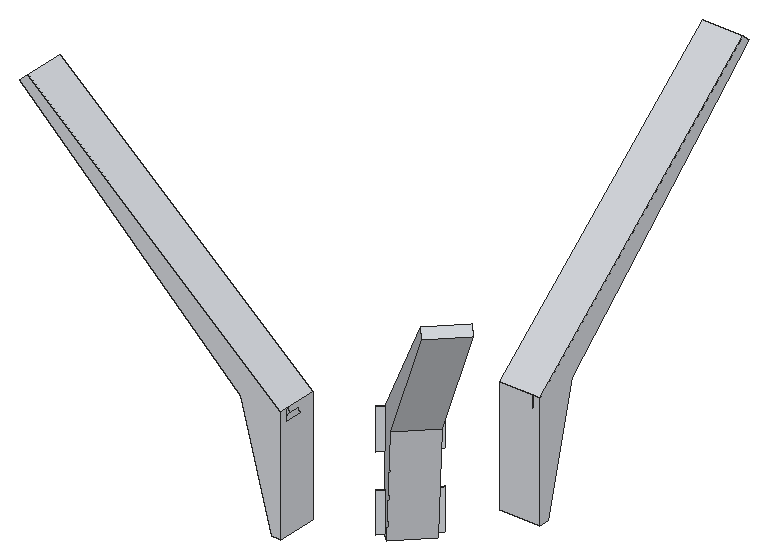
Revit family "Сборка насадок угол 90", category Специальное оборудование, Revit 2019
Family settings
  Размер круглого соединителя = Использовать диаметр
  Тип детали = Нормальный
  На основе рабочей плоскости = Нет
  Всегда вертикально = Да
  При загрузке вырезать с полостями = Нет
  Общий = Да
  Точка расчета площади = Нет
Parameters (values of type "На столбы 80x80")
  Ширина столба = 100 mm
  Центр насадки = Ширина столба / 2  # 50 mm
  Тип крепления насадок к столбам [instance] = 0
  Наружные насадки [instance] = yes
  Инструкция [instance] = "https://docs.google.com/document/d/1YU2zMc4EH5Wo240p8cADVhto8tMNmUbVgzn2qTnmTt8/edit?usp=sharing"
  Группа модели = "Насадки"  # constant formula
  Глубина столба = 80 mm
  ADSK_Наименование = "Сборка - угловые насадки"  # constant formula
Types (5, lengths in mm): name | Ширина столба | Центр насадки | Глубина столба
  (no name) | 100 | 50 | 80
  На столбы 40x60 | 40 | 20 | 60
  На столбы 60x60 | 60 | 30 | 60
  На столбы 60x80 | 60 | 30 | 80
  На столбы 80x80 | 100 | 50 | 80
Reference planes
  plane 1 "По центру (Вперед/Назад)": y = 0
  plane 2: z = 0
  plane 3 "По центру (Влево/Вправо)": x = 0
  plane 4: z = 0
  plane 5: y = 109.3
  plane 6: x = 29.3
  plane 7: x = -109.3
  plane 8: y = -29.3
  plane 9: x = 129.3
  plane 10: y = 29.3
  plane 11: y = -129.3
  plane 12: x = -29.3
Dimensions and locks
  "Ширина столба": plane 11 to plane 8
  "Глубина столба": plane 7 to plane 12
  "Глубина столба": plane 10 to plane 5
  "Ширина столба": plane 6 to plane 9
  "Центр насадки": plane 6 to nested 1
  locked: plane 1 "По центру (Вперед/Назад)" to plane 10 at 29.3
  locked: plane 3 "По центру (Влево/Вправо)" to plane 6 at 29.3
  "Центр насадки": plane 11 to nested 2
  locked: plane 8 to plane 1 "По центру (Вперед/Назад)" at 29.3
  locked: plane 12 to plane 3 "По центру (Влево/Вправо)" at 29.3
  aligned and locked: level to plane 2
  aligned and locked: nested 1 to plane 5
  aligned and locked: plane 7 to nested 2
  aligned and locked: plane 7 to nested 4
  aligned and locked: nested 4 to nested 2
  aligned and locked: nested 5 to plane 5
  aligned and locked: nested 5 to nested 1
  aligned and locked: nested 5 to nested 8  (x2)
  aligned and locked: nested 8 to nested 9  (x2)
  aligned and locked: nested 4 to nested 7
  aligned and locked: nested 6 to nested 7  (x2)
  aligned and locked: nested 7 to nested 15  (x2)
  aligned and locked: nested 8 to nested 14
  aligned and locked: nested 14 to nested 8
  aligned and locked: nested 7 to nested 4
  aligned and locked: nested 16 to nested 10
Nested families
  nested 1: "В_Насадка L" at (79.3, 109.3, -175), visible <- "Наружные насадки", ADSK_Комплект <- "Группа модели", type "Насадка"
    with Насадка L ус 510 yes, ADSK_Обозначение "", ADSK_Наименование "Насадка L ус 510", ADSK_Масса 1.17, ADSK_Комплект "Насадки", ADSK_Код изделия "8928", ADSK_Завод-изготовитель "FENSYS", ADSK_Единица измерения "шт."
  nested 2: "В_Насадка L" at (-109.3, -79.3, -175) x (0, 1, 0) z (0, 0, 1), visible <- "Наружные насадки", ADSK_Комплект <- "Группа модели", type "Насадка"
    with Насадка L ус 510 yes, ADSK_Обозначение "", ADSK_Наименование "Насадка L ус 510", ADSK_Масса 1.17, ADSK_Комплект "Насадки", ADSK_Код изделия "8928", ADSK_Завод-изготовитель "FENSYS", ADSK_Единица измерения "шт."
  nested 3: "В_Угловая скоба" at (0.707, -0.707, 0) x (0.7071, 0.7071, 0) z (0, 0, 1), ADSK_Комплект <- "Группа модели", type "Угловая скоба"
    with S 83 mm, ADSK_Комплект "Насадки"
  nested 4: "В_Крепеж" at (-111.8, -79.3, -4.311) x (0, -1, 0) z (0, 0, 1), Тип крепежа <- "Тип крепления насадок к столбам", visible <- "Наружные насадки", ADSK_Комплект <- "Группа модели", type "Крепеж"
    with Ширина столба 0 mm, Тип крепежа 0, Путь к таблице "Таблица крепежей", Видимость метизов yes, Y насадка no, ADSK_Обозначение "Крепеж", ADSK_Наименование "Хомут специальный 80", ADSK_Комплект "Насадки", ADSK_Количество 1, ADSK_Код изделия "15515К"
  nested 5: "В_Крепеж" at (79.3, 111.8, -4.311) x (-1, 0, 0) z (0, 0, 1), Тип крепежа <- "Тип крепления насадок к столбам", visible <- "Наружные насадки", ADSK_Комплект <- "Группа модели", type "Крепеж"
    with Ширина столба 0 mm, Тип крепежа 0, Путь к таблице "Таблица крепежей", Видимость метизов yes, Y насадка no, ADSK_Обозначение "Крепеж", ADSK_Наименование "Хомут специальный 80", ADSK_Комплект "Насадки", ADSK_Количество 1, ADSK_Код изделия "15515К"
  nested 6: "В_Крепеж" at (-121.8, -79.3, -4.311) x (0, -1, 0) z (0, 0, 1), visible <- "Наружные насадки", ADSK_Комплект <- "Группа модели", type "Крепеж"
    with Ширина столба 0 mm, Тип крепежа 5, Путь к таблице "Таблица крепежей", Видимость метизов no, Y насадка no, ADSK_Обозначение "Крепеж", ADSK_Наименование "Комплект крепления СББ/ПББ к насадке (Болт М6х25 DIN 933 оц - 4 шт., Зажим для крепления струны/проволоки - 4 шт., Шайба D6 DIN 125 оц. - 8 шт.,  Гайка М6 кл.8.0 DIN 934 оц. - 4 шт.)", ADSK_Комплект "Насадки", ADSK_Количество 1, ADSK_Код изделия "8927"
  nested 7: "В_Крепеж" at (-116.8, -79.3, -4.311) x (0, -1, 0) z (0, 0, 1), visible <- "Наружные насадки", ADSK_Комплект <- "Группа модели", type "Крепеж"
    with Ширина столба 0 mm, Тип крепежа 5, Путь к таблице "Таблица крепежей", Видимость метизов no, Y насадка no, ADSK_Обозначение "Крепеж", ADSK_Наименование "Комплект крепления СББ/ПББ к насадке (Болт М6х25 DIN 933 оц - 4 шт., Зажим для крепления струны/проволоки - 4 шт., Шайба D6 DIN 125 оц. - 8 шт.,  Гайка М6 кл.8.0 DIN 934 оц. - 4 шт.)", ADSK_Комплект "Насадки", ADSK_Количество 1, ADSK_Код изделия "8927"
  nested 8: "В_Крепеж" at (79.3, 116.8, -4.311) x (-1, 0, 0) z (0, 0, 1), visible <- "Наружные насадки", ADSK_Комплект <- "Группа модели", type "Крепеж"
    with Ширина столба 0 mm, Тип крепежа 5, Путь к таблице "Таблица крепежей", Видимость метизов no, Y насадка no, ADSK_Обозначение "Крепеж", ADSK_Наименование "Комплект крепления СББ/ПББ к насадке (Болт М6х25 DIN 933 оц - 4 шт., Зажим для крепления струны/проволоки - 4 шт., Шайба D6 DIN 125 оц. - 8 шт.,  Гайка М6 кл.8.0 DIN 934 оц. - 4 шт.)", ADSK_Комплект "Насадки", ADSK_Количество 1, ADSK_Код изделия "8927"
  nested 9: "В_Крепеж" at (79.3, 121.8, -4.311) x (-1, 0, 0) z (0, 0, 1), visible <- "Наружные насадки", ADSK_Комплект <- "Группа модели", type "Крепеж"
    with Ширина столба 0 mm, Тип крепежа 5, Путь к таблице "Таблица крепежей", Видимость метизов no, Y насадка no, ADSK_Обозначение "Крепеж", ADSK_Наименование "Комплект крепления СББ/ПББ к насадке (Болт М6х25 DIN 933 оц - 4 шт., Зажим для крепления струны/проволоки - 4 шт., Шайба D6 DIN 125 оц. - 8 шт.,  Гайка М6 кл.8.0 DIN 934 оц. - 4 шт.)", ADSK_Комплект "Насадки", ADSK_Количество 1, ADSK_Код изделия "8927"
  nested 10: "В_Насадка L" at (1.414, -1.414, -175) x (-0.7071, -0.7071, 0) z (0, 0, 1), ADSK_Комплект <- "Группа модели", type "Насадка"
    with Насадка L ус 510 yes, ADSK_Обозначение "", ADSK_Наименование "Насадка L ус 510", ADSK_Масса 1.17, ADSK_Комплект "Насадки", ADSK_Код изделия "8928", ADSK_Завод-изготовитель "FENSYS", ADSK_Единица измерения "шт."
  nested 11: "В_Крепеж" at (10.253, -10.253, -4.311) x (-0.7071, -0.7071, 0) z (0, 0, 1), ADSK_Комплект <- "Группа модели", type "Крепеж"
    with Ширина столба 0 mm, Тип крепежа 5, Путь к таблице "Таблица крепежей", Видимость метизов no, Y насадка no, ADSK_Обозначение "Крепеж", ADSK_Наименование "Комплект крепления СББ/ПББ к насадке (Болт М6х25 DIN 933 оц - 4 шт., Зажим для крепления струны/проволоки - 4 шт., Шайба D6 DIN 125 оц. - 8 шт.,  Гайка М6 кл.8.0 DIN 934 оц. - 4 шт.)", ADSK_Комплект "Насадки", ADSK_Количество 1, ADSK_Код изделия "8927"
  nested 12: "В_Крепеж" at (6.718, -6.718, -4.311) x (-0.7071, -0.7071, 0) z (0, 0, 1), ADSK_Комплект <- "Группа модели", type "Крепеж"
    with Ширина столба 0 mm, Тип крепежа 5, Путь к таблице "Таблица крепежей", Видимость метизов no, Y насадка no, ADSK_Обозначение "Крепеж", ADSK_Наименование "Комплект крепления СББ/ПББ к насадке (Болт М6х25 DIN 933 оц - 4 шт., Зажим для крепления струны/проволоки - 4 шт., Шайба D6 DIN 125 оц. - 8 шт.,  Гайка М6 кл.8.0 DIN 934 оц. - 4 шт.)", ADSK_Комплект "Насадки", ADSK_Количество 1, ADSK_Код изделия "8927"
  nested 13: "В_Метизы" at (-0.23, -0.23, -0.002) x (0.7071, 0.7071, 0) z (0, 0, 1), ADSK_Комплект <- "Группа модели", type "Метизы"
    with Тип крепежа 6, Путь к таблице "Таблица метизов", ADSK_Наименование "ГАЙКА M8 DIN 934 оц. - 4 шт.", ADSK_Комплект "Насадки", ADSK_Количество 1, ADSK_Код изделия "3562"
  nested 14: "В_Крепеж" at (79.3, 111.8, -12.934) x (-1, 0, 0) z (0, 0, 1), Тип крепежа <- "Тип крепления насадок к столбам", visible <- "Наружные насадки", ADSK_Комплект <- "Группа модели", type "Крепеж"
    with Ширина столба 0 mm, Тип крепежа 0, Путь к таблице "Таблица крепежей", Видимость метизов yes, Y насадка no, ADSK_Обозначение "Крепеж", ADSK_Наименование "Хомут специальный 80", ADSK_Комплект "Насадки", ADSK_Количество 1, ADSK_Код изделия "15515К"
  nested 15: "В_Крепеж" at (-111.8, -79.3, -12.934) x (0, -1, 0) z (0, 0, 1), Тип крепежа <- "Тип крепления насадок к столбам", visible <- "Наружные насадки", ADSK_Комплект <- "Группа модели", type "Крепеж"
    with Ширина столба 0 mm, Тип крепежа 0, Путь к таблице "Таблица крепежей", Видимость метизов yes, Y насадка no, ADSK_Обозначение "Крепеж", ADSK_Наименование "Хомут специальный 80", ADSK_Комплект "Насадки", ADSK_Количество 1, ADSK_Код изделия "15515К"
  nested 16: "В_Угловая скоба" at (0.707, -0.707, -114.266) x (0.7071, 0.7071, 0) z (0, 0, 1), ADSK_Комплект <- "Группа модели", type "Угловая скоба"
    with S 83 mm, ADSK_Комплект "Насадки"
  nested 17: "В_Метизы" at (0.263, 0.263, 0) x (0.7071, 0.7071, 0) z (0, 0, 1), ADSK_Комплект <- "Группа модели", type "Метизы"
    with Тип крепежа 2, Путь к таблице "Таблица метизов", ADSK_Наименование "Комплект метизов «В» для крепления скобы из нержавеющей стали (Винт М8х30 ISO 7380 А2   - 4 шт., Шайба D8 DIN 125 А2-70 - 4 шт.,Шайба 8 DIN 127 нерж.)", ADSK_Комплект "Насадки", ADSK_Количество 1, ADSK_Код изделия "8923"
  nested 18: "В_Метизы" at (-0.738, -0.738, 0) x (0.7071, 0.7071, 0) z (0, 0, 1), ADSK_Комплект <- "Группа модели", type "Метизы"
    with Тип крепежа 6, Путь к таблице "Таблица метизов", ADSK_Наименование "ГАЙКА M8 DIN 934 оц. - 4 шт.", ADSK_Комплект "Насадки", ADSK_Количество 1, ADSK_Код изделия "3562"
  nested 19: "В_Метизы" at (0.646, 0.646, 0.002) x (0.7071, 0.7071, 0) z (0, 0, 1), ADSK_Комплект <- "Группа модели", type "Метизы"
    with Тип крепежа 2, Путь к таблице "Таблица метизов", ADSK_Наименование "Комплект метизов «В» для крепления скобы из нержавеющей стали (Винт М8х30 ISO 7380 А2   - 4 шт., Шайба D8 DIN 125 А2-70 - 4 шт.,Шайба 8 DIN 127 нерж.)", ADSK_Комплект "Насадки", ADSK_Количество 1, ADSK_Код изделия "8923"
  nested 20: "В_Метизы" at (-111.8, -99.3, -4.311) x (0, -1, 0) z (0, 0, 1), type "Метизы"
    with Тип крепежа 0, Путь к таблице "Таблица метизов", ADSK_Наименование "Комплект крепежных элементов для хомута", ADSK_Комплект "Насадки", ADSK_Количество 1, ADSK_Код изделия "8920"
  nested 21: "В_Метизы" at (59.3, 111.8, -4.311) x (-1, 0, 0) z (0, 0, 1), type "Метизы"
    with Тип крепежа 0, Путь к таблице "Таблица метизов", ADSK_Наименование "Комплект крепежных элементов для хомута", ADSK_Комплект "Насадки", ADSK_Количество 1, ADSK_Код изделия "8920"
  nested 22: "В_Метизы" at (59.3, 111.8, -12.934) x (-1, 0, 0) z (0, 0, 1), type "Метизы"
    with Тип крепежа 0, Путь к таблице "Таблица метизов", ADSK_Наименование "Комплект крепежных элементов для хомута", ADSK_Комплект "Насадки", ADSK_Количество 1, ADSK_Код изделия "8920"
  nested 23: "В_Метизы" at (-111.8, -99.3, -12.934) x (0, -1, 0) z (0, 0, 1), type "Метизы"
    with Тип крепежа 0, Путь к таблице "Таблица метизов", ADSK_Наименование "Комплект крепежных элементов для хомута", ADSK_Комплект "Насадки", ADSK_Количество 1, ADSK_Код изделия "8920"
Definition of nested family "В_Насадка L"
  Parameters (values of type "Насадка")
    Насадка L ус 510 [instance] = no
    URL = "https://www.fensys.ru/produkciya/elementy-usileniya.html"
    ADSK_Обозначение [instance] = ""
    ADSK_Наименование [instance] = if(Насадка L ус 510, "Насадка L ус 510", "Насадка L ус 325")  # "Насадка L ус 325"
    ADSK_Масса [instance] = if(Насадка L ус 510, 1.17, 0.82)  # 0.82
    ADSK_Комплект [instance] = ""
    ADSK_Количество = 1
    ADSK_Код изделия [instance] = if(Насадка L ус 510, "8928", "8938")  # "8938"
    ADSK_Завод-изготовитель [instance] = "FENSYS"  # constant formula
    ADSK_Единица измерения [instance] = "шт."  # constant formula
  Reference planes
    plane 1 "По центру (Вперед/Назад)": y = 0
    plane 2: z = 0
    plane 3 "По центру (Влево/Вправо)": x = 0
  Forms (mm)
    Extrusion 1, solid
      sketch origin (0, 0, 0) x (0, 1, 0) y (0, 0, 1)
        loop
          line (0, 0) -> (15, 0) -> (61.891, 175) -> (398.002, 488.686) -> (386.689, 500) -> (0, 175) -> (0, 0)
      from -30.5 to 30.5
  Dimensions and locks
    Extrusion 1 sketch curve to Extrusion 1 sketch curve = 175 mm
    Extrusion 1 sketch curve to Extrusion 1 sketch curve = 15 mm
    equal spacing: Extrusion 1, plane 3 "По центру (Влево/Вправо)", Extrusion 1
    locked: Extrusion 1 to Extrusion 1 at 61
    aligned and locked: level to plane 2
    aligned and locked: plane 1 "По центру (Вперед/Назад)" to Extrusion 1  (x2)
    aligned and locked: Extrusion 1 to level
  Automatic sketch dimensions
    Extrusion 1 sketch curve to plane 1 "По центру (Вперед/Назад)" = 0 mm
    Extrusion 1 sketch curve to level = 0 mm
    Extrusion 1 sketch curve to plane 1 "По центру (Вперед/Назад)" = 61.891 mm
    Extrusion 1 sketch curve to Extrusion 1 sketch curve = 0 mm
    Extrusion 1 sketch curve to Extrusion 1 sketch curve = 325 mm
    Extrusion 1 sketch curve to Extrusion 1 sketch curve = 11.314 mm  (x2)
    Extrusion 1 sketch curve to plane 1 "По центру (Вперед/Назад)" = 386.689 mm
Definition of nested family "В_Угловая скоба"
  Parameters (values of type "Угловая скоба")
    Model = ""
    S [instance] = 83 mm
    ADSK_Обозначение = "Крепеж окрашеный"  # constant formula
    ADSK_Наименование = "Скоба угловая для крепления насадки"  # constant formula
    ADSK_Комплект [instance] = ""
    ADSK_Количество = 1
    ADSK_Код изделия = "15293"  # constant formula
    ADSK_Завод-изготовитель = "FENSYS"  # constant formula
    ADSK_Единица измерения = "шт."  # constant formula
  Reference planes
    plane 1 "По центру (Вперед/Назад)": y = 0
    plane 2: z = 0
    plane 3 "По центру (Влево/Вправо)": x = 0
  Forms (mm)
    Extrusion 1, solid
      sketch origin (0, 0, 0) x (1, 0, 0) y (0, 1, 0)
        loop
          line (-41.5, 1) -> (-41.5, -1) -> (41.5, -1) -> (41.5, 1) -> (-41.5, 1)
      from -60.734 to 0
  Dimensions and locks
    equal spacing: Extrusion 1, plane 3 "По центру (Влево/Вправо)", Extrusion 1
    "S": Extrusion 1 to Extrusion 1
    aligned and locked: level to plane 2
  Automatic sketch dimensions
    Extrusion 1 sketch curve to plane 1 "По центру (Вперед/Назад)" = 1 mm
    Extrusion 1 sketch curve to plane 3 "По центру (Влево/Вправо)" = 41.5 mm
    plane 3 "По центру (Влево/Вправо)" to Extrusion 1 sketch curve = 41.5 mm
    plane 1 "По центру (Вперед/Назад)" to Extrusion 1 sketch curve = 1 mm
Definition of nested family "В_Крепеж"
  Parameters (values of type "Крепеж")
    Ширина столба [instance] = 0 mm
    Тип крепежа [instance] = 0
    Путь к таблице [instance] = "Таблица крепежей"  # constant formula
    Manufacturer = [ADSK_Завод-изготовитель]  # "FENSYS"
    Model = ""
    Видимость метизов [instance] = not(Тип крепежа = 5)  # yes
    Y насадка [instance] = yes
    URL = "https://www.fensys.ru/produkciya/krepyozh.html"
    ADSK_Обозначение [instance] = "Крепеж"  # constant formula
    ADSK_Наименование [instance] = size_lookup(Путь к таблице, "", "Не найдено", Тип крепежа)  # "Хомут специальный 80"
    ADSK_Комплект [instance] = ""
    ADSK_Количество [instance] = 1  # constant formula
    ADSK_Код изделия [instance] = size_lookup(Путь к таблице, "ADSK_Код изделия", "Не найдено", Тип крепежа)  # "15515К"
    ADSK_Завод-изготовитель = "FENSYS"  # constant formula
    ADSK_Единица измерения = "шт."  # constant formula
  Reference planes
    plane 1 "По центру (Вперед/Назад)": y = 0
    plane 2: z = 0
    plane 3 "По центру (Влево/Вправо)": x = 0
    plane 4: z = 0
  Forms (mm)
    Extrusion 1, solid
      sketch origin (0, -3, 0) x (1, 0, 0) y (0, 1, 0)
        loop
          line (-20, 5.5) -> (-20, 0.5) -> (20, 0.5) -> (20, 5.5) -> (-20, 5.5)
      from -4.311 to 4.311
  Dimensions and locks
    locked: Extrusion 1 sketch curve to Extrusion 1 sketch curve at 5
    locked: Extrusion 1 sketch curve to Extrusion 1 sketch curve at 40
    aligned and locked: level to plane 2
  Nested families
    nested 1: "В_Метизы" at (20, 0, 0), Тип крепежа <- "Тип крепежа", ADSK_Комплект <- "ADSK_Комплект", visible <- "Видимость метизов", type "Метизы"
      with Тип крепежа 0, Путь к таблице "Таблица метизов", ADSK_Наименование "Комплект крепежных элементов для хомута", ADSK_Комплект "", ADSK_Количество 1, ADSK_Код изделия "8920"
    nested 2: "В_Метизы" at (-20, 0, 0), visible <- "Y насадка", Тип крепежа <- "Тип крепежа", ADSK_Комплект <- "ADSK_Комплект", type "Метизы"
      with Тип крепежа 0, Путь к таблице "Таблица метизов", ADSK_Наименование "Комплект крепежных элементов для хомута", ADSK_Комплект "", ADSK_Количество 1, ADSK_Код изделия "8920"
  Definition of nested family "В_Метизы"
    Parameters (values of type "Метизы")
      Тип крепежа [instance] = 1
      Путь к таблице [instance] = "Таблица метизов"  # constant formula
      Manufacturer = [ADSK_Завод-изготовитель]  # "FENSYS"
      URL = "https://www.fensys.ru/produkciya/krepyozh.html"
      ADSK_Наименование [instance] = size_lookup(Путь к таблице, "", "Не найдено", Тип крепежа)  # "Комплект метизов «В» для крепления скобы F24 (Винт М6х30 ISO 7380 А2 - 4 шт., Шайба D6 DIN 125 А2 - 4 шт.,Шайба 6 DIN 127 А2 - 4 шт.)"
      ADSK_Комплект [instance] = "Ограждение"
      ADSK_Количество [instance] = 1  # constant formula
      ADSK_Код изделия [instance] = size_lookup(Путь к таблице, "ADSK_Код изделия", "Не найдено", Тип крепежа)  # "8932"
      ADSK_Завод-изготовитель = "FENSYS"  # constant formula
      ADSK_Единица измерения = "шт."  # constant formula
    Reference planes
      plane 1 "По центру (Вперед/Назад)": y = 0
      plane 2: z = 0
      plane 3 "По центру (Влево/Вправо)": x = 0
      plane 4: z = 0
    Lines and regions (mm)
      reference lines
        curve 1: circle (0, 0, 0) r 0.299 normal (0, -1, 0)
      model lines
        curve 2: circle (0, 0, 0) r 0.3 normal (0, -1, 0)
    Dimensions and locks
      aligned and locked: level to plane 2
Definition of nested family "В_Метизы"
  Parameters (values of type "Метизы")
    Тип крепежа [instance] = 1
    Путь к таблице [instance] = "Таблица метизов"  # constant formula
    Manufacturer = [ADSK_Завод-изготовитель]  # "FENSYS"
    URL = "https://www.fensys.ru/produkciya/krepyozh.html"
    ADSK_Наименование [instance] = size_lookup(Путь к таблице, "", "Не найдено", Тип крепежа)  # "Комплект метизов «В» для крепления скобы F24 (Винт М6х30 ISO 7380 А2 - 4 шт., Шайба D6 DIN 125 А2 - 4 шт.,Шайба 6 DIN 127 А2 - 4 шт.)"
    ADSK_Комплект [instance] = "Ограждение"
    ADSK_Количество [instance] = 1  # constant formula
    ADSK_Код изделия [instance] = size_lookup(Путь к таблице, "ADSK_Код изделия", "Не найдено", Тип крепежа)  # "8932"
    ADSK_Завод-изготовитель = "FENSYS"  # constant formula
    ADSK_Единица измерения = "шт."  # constant formula
  Reference planes
    plane 1 "По центру (Вперед/Назад)": y = 0
    plane 2: z = 0
    plane 3 "По центру (Влево/Вправо)": x = 0
    plane 4: z = 0
  Lines and regions (mm)
    reference lines
      curve 1: circle (0, 0, 0) r 0.299 normal (0, -1, 0)
    model lines
      curve 2: circle (0, 0, 0) r 0.3 normal (0, -1, 0)
  Dimensions and locks
    aligned and locked: level to plane 2
